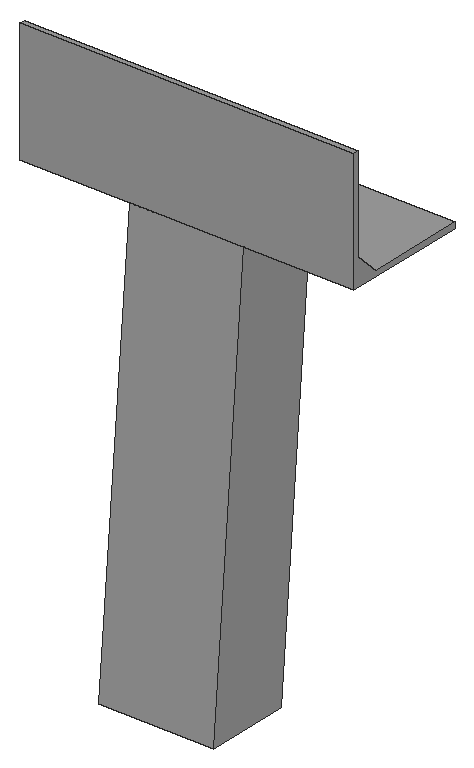
Revit family "Viking Roofspec Scupper 03 M13", category Pipe Fittings, host Face, Revit 2021
Family settings
  Host = Face
  Round Connector Dimension = Use Diameter
  Part Type = Cap
  Cut with Voids When Loaded = Yes
  Shared = No
Parameters (values of type "Scuppers - 100mm x 65mm A")
  URL = "www.vikingroofspec.co.nz"
  Type Comments = "Viking Roofspec 100x65mm scupper IMT106, installed as per manufacturers instructions."
  Model = "IMT106"
  Material = Viking Roofspec - Rubber/PVC Grey
  Manufacturer = "Viking Roofspec"  # constant formula
  Leg Cut Offset = 0 mm
  Leg Length Specified [instance] = 389 mm
  Leg Cut Width = 100 mm
  Leg Cut Height = 65 mm
  Flange Cut Width = 5 mm
  Flange Cut Length = 5 mm
  Default Elevation = 0 mm
  Component = IMT106 : IMT106
Reference planes
  plane 1 "Center (Front/Back)": y = 0
  plane 2: z = 0
  plane 3 "Center (Left/Right)": x = 0
  plane 4 "Pipe Connector": z = -116.857
  plane 5: x = -50
  plane 6: x = 50
  plane 7: y = -1.6
  plane 8: y = 63.4
  plane 9: y = -1.6
Forms (mm)
  Extrusion 1, void
    sketch origin (0, 0, 0) x (0, 1, 0) y (0, 0, 1)
      loop
        line (63.4, 0) -> (-1.6, 0) -> (-35.633, -389) -> (29.367, -389) -> (63.4, 0)
    from -50 to 50
  Extrusion 2, void
    sketch origin (0, 0, 0) x (1, 0, 0) y (0, 0, 1)
      loop
        line (-2.5, 5) -> (-2.5, 0) -> (2.5, 0) -> (2.5, 5) -> (-2.5, 5)
    from 0 to 1.6
Lines and regions (mm)
  reference lines
    curve 1: line (0, 63.4, -389) -> (0, -1.6, -389)
Dimensions and locks
  locked: host face to plane 4 "Pipe Connector" at 116.857
  "Leg Length Specified": plane 2 to curve 1
  equal spacing: plane 5, plane 3 "Center (Left/Right)", plane 6
  "Leg Cut Width": plane 5 to plane 6
  "Leg Cut Offset": plane 9 to plane 7
  "Leg Cut Height": plane 7 to plane 8
  locked: plane 9 to plane 1 "Center (Front/Back)" at 1.6
  equal spacing: Extrusion 2 sketch curve, plane 3 "Center (Left/Right)", Extrusion 2 sketch curve
  "Flange Cut Width": Extrusion 2 sketch curve to Extrusion 2 sketch curve
  "Flange Cut Length": Extrusion 2 sketch curve to host face
  locked: Extrusion 1 sketch curve to level (angle 95.00°)  (x2)
  aligned and locked: plane 2 to host face
  aligned and locked: level to host face
  aligned and locked: level to Extrusion 1 sketch curve
  aligned and locked: plane 7 to Extrusion 1 sketch curve
  aligned and locked: plane 8 to Extrusion 1 sketch curve
  aligned and locked: Extrusion 1 sketch curve to level
  aligned and locked: curve 1 to Extrusion 1 sketch curve
  aligned and locked: plane 8 to curve 1
  aligned and locked: plane 7 to curve 1
  aligned and locked: Extrusion 2 to level
  aligned and locked: plane 6 to Extrusion 1
  aligned and locked: Extrusion 1 to plane 5
Automatic sketch dimensions
  host sketch curve to host sketch curve = 2438.4 mm  (x2)
  Extrusion 2 sketch curve to level = 0 mm
Nested families
  nested 1: "IMT106" at (0, -0.006, 0), Leg Length Specified <- "Leg Length Specified", Material <- "Material", type <- "Component", type "IMT106"
    with Real Leg Length 389 mm, Material Viking Roofspec - Rubber/PVC Grey, Leg Length Specified 389 mm
Definition of nested family "IMT106"
  Parameters (values of type "IMT106")
    Real Leg Length [instance] = if(Leg Length Specified < 100 mm, 100 mm, if(Leg Length Specified > 389 mm, 389 mm, Leg Length Specified))  # 389 mm
    Material [instance] = none
    Manufacturer = "Viking Roofspec"  # constant formula
    Leg Length Specified [instance] = 389 mm
    Default Elevation = 1219.2 mm
  Reference planes
    plane 1 "Center (Front/Back)": y = 0
    plane 2: z = 0
    plane 3 "Center (Left/Right)": x = 0
    plane 4: z = -389
  Forms (mm)
    Extrusion 1, solid, material <- "Material"
      sketch origin (0, 0.006, -0.006) x (0, 0, -1) y (0, 1, 0)
        loop
          line (-110, -5) -> (0, -5) -> (0, 108.4) -> (-5, 108.4) -> (-5, 20) -> (-25, 0) -> (-110, 0) -> (-110, -5)
      from -150 to 150
    Extrusion 2, solid, material <- "Material"
      sketch origin (0, 0.006, -0.006) x (0, 0, -1) y (0, 1, 0)
        loop
          line (0, 69.979) -> (0, -5.019) -> (388.994, -39.052) -> (388.994, 35.947) -> (0, 69.979)
      from -51.6 to 51.6
    Extrusion 3, void
      sketch origin (0, 0.006, -0.006) x (0, 0, -1) y (0, 1, 0)
        loop
          line (388.994, -34.032) -> (388.994, 30.928) -> (-0.133, 64.972) -> (-25.006, 64.972) -> (-25.006, -0.012) -> (0.147, -0.012) -> (388.994, -34.032)
      from -50 to 50
  Cuts and joins
    Extrusion 3 cuts Extrusion 1
    Extrusion 3 cuts Extrusion 2
  Dimensions and locks
    "Real Leg Length": level to plane 4
    plane 1 "Center (Front/Back)" to Extrusion 2 sketch curve = 69.985 mm
    locked: plane 1 "Center (Front/Back)" to Extrusion 3 sketch curve at 64.978
    locked: Extrusion 2 sketch curve to level (angle 95.00°)
    locked: level to Extrusion 2 sketch curve (angle 85.00°)
    locked: Extrusion 3 sketch curve to level (angle 95.00°)
    locked: level to Extrusion 3 sketch curve (angle 85.00°)
    aligned and locked: level to plane 2
    aligned and locked: plane 4 to Extrusion 2
  Automatic sketch dimensions
    Extrusion 3 sketch curve to level = 0.153 mm
    level to Extrusion 3 sketch curve = 0.127 mm
    level to Extrusion 3 sketch curve = 25 mm
    plane 1 "Center (Front/Back)" to Extrusion 3 sketch curve = 0.006 mm
    Extrusion 2 sketch curve to plane 4 = 0 mm
    Extrusion 2 sketch curve to level = 0.006 mm
    plane 1 "Center (Front/Back)" to Extrusion 2 sketch curve = 5.013 mm
    plane 4 to Extrusion 3 sketch curve = 0 mm
    plane 1 "Center (Front/Back)" to Extrusion 1 sketch curve = 4.994 mm
    level to Extrusion 1 sketch curve = 109.994 mm
    level to Extrusion 1 sketch curve = 4.994 mm
    Extrusion 1 sketch curve to level = 0.006 mm
    Extrusion 1 sketch curve to plane 1 "Center (Front/Back)" = 0.006 mm
    Extrusion 1 sketch curve to Extrusion 1 sketch curve = 88.4 mm
    Extrusion 1 sketch curve to Extrusion 1 sketch curve = 20 mm  (x2)
